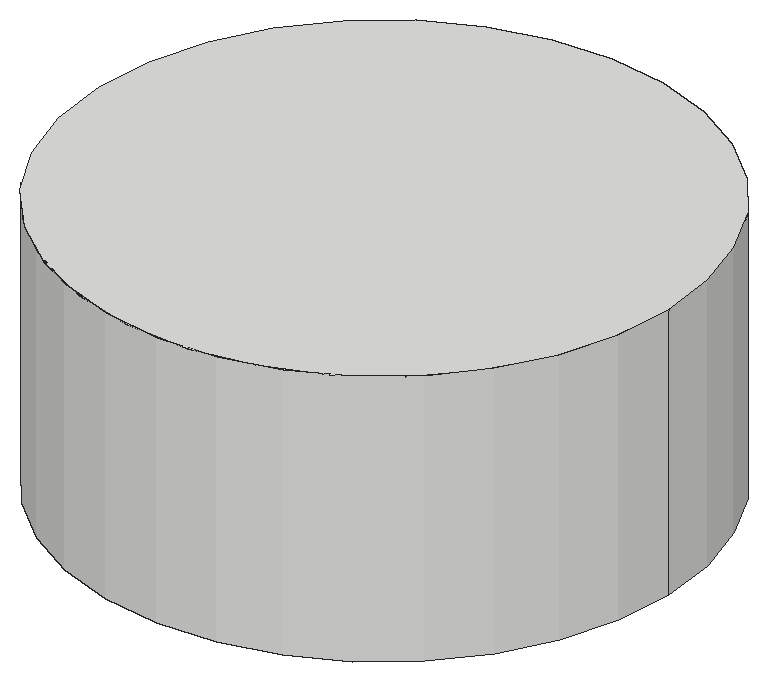
Revit family "IEK_Светильник_LED_ДПО_5010-5142 _IP65_LOD2_R19", category Осветительные приборы, Revit 2019
Family settings
  Размер круглого соединителя = Использовать диаметр
  Тип детали = Нормальный
  На основе рабочей плоскости = Нет
  Всегда вертикально = Да
  При загрузке вырезать с полостями = Нет
  Источник света = Нет
  Общий = Нет
  Точка расчета площади = Нет
Parameters (values of type "ДПО5142Д_12Вт_960лм_6500К_Накладной_Пластик")
  УГО_А_верт [instance] = no
  УГО_А_180гр [instance] = no
  УГО_А_-90гр [instance] = no
  УГО_А_+90гр [instance] = no
  Description = ""
  Лампа = "Светодиод. источник света (LED)"
  Изготовитель = "IEK"  # constant formula
  URL = "https://www.iek.ru/"
  KSI_CPr_Строительные изделия = "ЭЛ 40 50 50 30"  # constant formula
  KSI_CMa_Строительные материалы = "01.7.14.02"  # constant formula
  IEK_Частота = "50 Гц"
  IEK_Цветовая температура = "6500 К"
  IEK_Цвет = "Белый"
  IEK_УГО_Смещение по оси Y [instance] = 1000 mm
  IEK_УГО_Смещение по оси X [instance] = 1000 mm
  IEK_УГО_Рабочее освещение [instance] = yes
  IEK_УГО_Аварийное освещение [instance] = not(IEK_УГО_Рабочее освещение)  # no
  IEK_Тип лампы = "LED"  # constant formula
  IEK_Температура эксплуатации = "-40…+45 °C"  # constant formula
  IEK_Степень защиты = "IP65"  # constant formula
  IEK_Срок службы = "30000 часов"
  IEK_Серия = "ДПО 5142Д"
  IEK_Световой поток = "960 лм"
  IEK_Редактор = ""
  IEK_Разработчик = "Созутов ВД"  # constant formula
  IEK_Основа = "Уровень"  # constant formula
  IEK_Описание = "Светильники светодиодные серии ДПО предназначены для внутреннего освещения бытовых, общественных и производственных освещений с повышенным содержанием пыли и влаги. Конструкция светильника и применяемые материалы обеспечивают высокую механическую прочность и защиту от проникновения пыли и влаги по классу IP65."
  IEK_Монтажная температура = ""
  IEK_Конфигуратор = "http://www.iek.ru/products/light-calc/"
  IEK_Класс защиты = "II"
  IEK_Индекс цветопередачи = "70-79 (класс 2А)"
  IEK_Замена = ""
  IEK_Гарантийный срок = "2 года"
  IEK_Вид климатического исполнения = ""
  IEK_Блок аварийного питания = no
  IEK_URL_Сертификат = "https://www.iek.ru/local/components/iek/prodcat.catalog.detail/download.php?hash=4cd77611df08c5790d0110880c81dd49525e2d584228cbf781d86046baa9f086"
  IEK_URL_Паспорт изделия = "https://www.iek.ru/local/components/iek/prodcat.catalog.detail/download.php?hash=83d2c29518a7a5a0acbb9e64c695950238a89fb5d9eeadf98a7d912c97f44f3c"
  IEK_URL_Изображение = "https://www.iek.ru/upload/iek.prodcat/file/4299e9a36f377caa2144bf7ef17f655da8f23d7dec99471df856c744ea0564f1.png"
  IEK_URL_IES = ""
  IEK_URL = "https://www.iek.ru/products/catalog/svetotekhnika/kommunalnoe_i_bytovoe_osveshchenie/svetilniki_svetodiodnye_dlya_zhkkh/svetilniki_dpo_5010_5142/svetilnik_svetodiodnyy_dpo_5142d_12vt_6500k_ip65_krug_belyy_s_akusticheskim_datchikom_iek"
  IEK_LOD = "LOD200"  # constant formula
  IEK_ID = "100201040022"
  ADSK_Этаж [instance] = ""
  ADSK_Ток = ADSK_Номинальная мощность / (ADSK_Коэффициент мощности * ADSK_Напряжение * sqrt(ADSK_Количество фаз))  # 0.109091 A
  ADSK_Размер_Радиус = 89 mm
  ADSK_Размер_ДиаметрИзделия = ADSK_Размер_Радиус * 2  # 178 mm
  ADSK_Размер_Диаметр [instance] = 10 mm
  ADSK_Размер_Высота = 80 mm
  ADSK_Примечание [instance] = ""
  ADSK_Полная мощность = ADSK_Номинальная мощность / ADSK_Коэффициент мощности  # 24 VA
  ADSK_Позиция [instance] = ""
  ADSK_Обозначение = "ГОСТ Р МЭК 60598-1, ГОСТ Р МЭК 60598-2-4-99"
  ADSK_Номинальная мощность = 12 W
  ADSK_Напряжение = 220 V
  ADSK_Наименование краткое = "Светильник LED ДПО 5142Д 12Вт 6500K IP65"
  ADSK_Наименование = "Светильник LED ДПО 5142Д 12Вт 6500K IP65 круг белый с АД IEK"
  ADSK_Материал обозначение = "Плафон - пластик опаловый"
  ADSK_Материал наименование = "Корпус - пластик"
  ADSK_Материал = Белый
  ADSK_Масса_Текст = "0,3 Кг"
  ADSK_Масса = 0.3
  ADSK_Марка = "ДПО 5142Д"
  ADSK_Коэффициент мощности = 0.5
  ADSK_Количество фаз = 1
  ADSK_Код изделия = "LDPO3-5142D-12-6500-K01"
  ADSK_Классификация нагрузок = Освещение
  ADSK_Завод-изготовитель = "IEK"  # constant formula
  ADSK_Единица измерения = "шт"  # constant formula
  ADSK_Группирование = "Светильники, светоуказатели, световые табло"  # constant formula
  ADSK_Версия семейства = "1.0"  # constant formula
  ADSK_Версия Revit = "2019"  # constant formula
  ADSK_URL страницы изделия = "https://www.iek.ru/products/catalog/svetotekhnika/kommunalnoe_i_bytovoe_osveshchenie/svetilniki_svetodiodnye_dlya_zhkkh/svetilniki_dpo_5010_5142/svetilnik_svetodiodnyy_dpo_5142d_12vt_6500k_ip65_krug_belyy_s_akusticheskim_datchikom_iek"
  ADSK_URL документации изделия = "https://www.iek.ru/local/components/iek/prodcat.catalog.detail/download.php?hash=83d2c29518a7a5a0acbb9e64c695950238a89fb5d9eeadf98a7d912c97f44f3c"
Types (21, lengths in mm): name | IEK_Цветовая температура | IEK_Цвет | IEK_Серия | IEK_Световой поток | IEK_Индекс цветопередачи | IEK_URL_Сертификат | IEK_URL_Паспорт изделия | IEK_URL_Изображение | IEK_URL_IES | IEK_URL | IEK_ID | ADSK_Ток | ADSK_Размер_Радиус | ADSK_Размер_ДиаметрИзделия | ADSK_Размер_Высота | ADSK_Полная мощность | ADSK_Номинальная мощность | ADSK_Наименование краткое | ADSK_Наименование | ADSK_Материал | ADSK_Масса_Текст | ADSK_Масса | ADSK_Марка | ADSK_Коэффициент мощности | ADSK_Код изделия | ADSK_URL страницы изделия | ADSK_URL документации изделия
  (no name) | "6500 К" | "Белый" | "ДПО 5142Д" | "960 лм" | "70-79 (класс 2А)" | "https://www.iek.ru/local/components/iek/prodcat.catalog.detail/download.php?hash=4cd77611df08c5790d0110880c81dd49525e2d584228cbf781d86046baa9f086" | "https://www.iek.ru/local/components/iek/prodcat.catalog.detail/download.php?hash=83d2c29518a7a5a0acbb9e64c695950238a89fb5d9eeadf98a7d912c97f44f3c" | "https://www.iek.ru/upload/iek.prodcat/file/4299e9a36f377caa2144bf7ef17f655da8f23d7dec99471df856c744ea0564f1.png" | "" | "https://www.iek.ru/products/catalog/svetotekhnika/kommunalnoe_i_bytovoe_osveshchenie/svetilniki_svetodiodnye_dlya_zhkkh/svetilniki_dpo_5010_5142/svetilnik_svetodiodnyy_dpo_5142d_12vt_6500k_ip65_krug_belyy_s_akusticheskim_datchikom_iek" | "100201040022" | 0.109091 A | 89 | 178 | 80 | 24 VA | 12 W | "Светильник LED ДПО 5142Д 12Вт 6500K IP65" | "Светильник LED ДПО 5142Д 12Вт 6500K IP65 круг белый с АД IEK" | Белый | "0,3 Кг" | 0.3 | "ДПО 5142Д" | 0.5 | "LDPO3-5142D-12-6500-K01" | "https://www.iek.ru/products/catalog/svetotekhnika/kommunalnoe_i_bytovoe_osveshchenie/svetilniki_svetodiodnye_dlya_zhkkh/svetilniki_dpo_5010_5142/svetilnik_svetodiodnyy_dpo_5142d_12vt_6500k_ip65_krug_belyy_s_akusticheskim_datchikom_iek" | "https://www.iek.ru/local/components/iek/prodcat.catalog.detail/download.php?hash=83d2c29518a7a5a0acbb9e64c695950238a89fb5d9eeadf98a7d912c97f44f3c"
  ДПО5010_8Вт_640лм_4000К_Накладной_Пластик | "4000 К" | "Белый" | "ДПО 5010" | "640 лм" | "70-79 (класс 2A)" | "https://www.iek.ru/local/components/iek/prodcat.catalog.detail/download.php?hash=f45ae135d2d86e3063cff6306cef63492872b6d4008db3927cb8cbfa985b7113" | "https://www.iek.ru/local/components/iek/prodcat.catalog.detail/download.php?hash=7a0a8875d83c12bf5ac9388e1b2c8146201f5e708d4662315551d9f9cc897a02" | "https://www.iek.ru/upload/iek.prodcat/file/8b9adc60f5e85ccc87465dfe15cad4a3e905d2939ce2c8904b6502abf5b4aeeb.png" | "https://www.iek.ru/local/components/iek/prodcat.catalog.detail/download.php?hash=4791224d9111f260674cd40dbc1eb7c4b91fedf4ba1c2f5096564361d7bbf7cc" | "https://www.iek.ru/products/catalog/svetotekhnika/kommunalnoe_i_bytovoe_osveshchenie/svetilniki_svetodiodnye_dlya_zhkkh/svetilniki_dpo_5010_5142/svetilnik_svetodiodnyy_dpo_5010_8vt_4000k_ip65_krug_belyy_iek" | "100201040001" | 0.0727273 A | 89 | 178 | 80 | 16 VA | 8 W | "Светильник LED ДПО 5010 8Вт 4000K IP65" | "Светильник LED ДПО 5010 8Вт 4000K IP65 круг белый IEK" | Белый | "0,3 Кг" | 0.3 | "ДПО 5010" | 0.5 | "LDPO0-5010-08-4000-K01" | "https://www.iek.ru/products/catalog/svetotekhnika/kommunalnoe_i_bytovoe_osveshchenie/svetilniki_svetodiodnye_dlya_zhkkh/svetilniki_dpo_5010_5142/svetilnik_svetodiodnyy_dpo_5010_8vt_4000k_ip65_krug_belyy_iek" | "https://www.iek.ru/local/components/iek/prodcat.catalog.detail/download.php?hash=7a0a8875d83c12bf5ac9388e1b2c8146201f5e708d4662315551d9f9cc897a02"
  ДПО5011_8Вт_560лм_4000К_Накладной_Пластик | "4000 К" | "Черный" | "ДПО 5011" | "560 лм" | "70-79 (класс 2A)" | "https://www.iek.ru/local/components/iek/prodcat.catalog.detail/download.php?hash=34b0eeafd5935e75e7fde899cbd5ba2b70439e0e735c6ec231dbd8852a6c20da" | "https://www.iek.ru/local/components/iek/prodcat.catalog.detail/download.php?hash=7a0a8875d83c12bf5ac9388e1b2c8146201f5e708d4662315551d9f9cc897a02" | "https://www.iek.ru/upload/iek.prodcat/file/c1663ca6d2ab3e683a4bbab3982bbeeef8d3de055ccdf0d099e9e347abead4ee.png" | "" | "https://www.iek.ru/products/catalog/svetotekhnika/kommunalnoe_i_bytovoe_osveshchenie/svetilniki_svetodiodnye_dlya_zhkkh/svetilniki_dpo_5010_5142/svetilnik_svetodiodnyy_dpo_5011_8vt_4000k_ip65_krug_chernyy_iek" | "100201040002\r\n100201040002\r\n100201040002" | 0.0727273 A | 85 | 170 | 75 | 16 VA | 8 W | "Светильник LED ДПО 5011 8Вт 4000K IP65" | "Светильник LED ДПО 5011 8Вт 4000K IP65 круг черный IEK" | Черный | "0,3 Кг" | 0.3 | "ДПО 5011" | 0.5 | "LDPO0-5011-08-4000-K02" | "https://www.iek.ru/products/catalog/svetotekhnika/kommunalnoe_i_bytovoe_osveshchenie/svetilniki_svetodiodnye_dlya_zhkkh/svetilniki_dpo_5010_5142/svetilnik_svetodiodnyy_dpo_5011_8vt_4000k_ip65_krug_chernyy_iek" | "https://www.iek.ru/local/components/iek/prodcat.catalog.detail/download.php?hash=7a0a8875d83c12bf5ac9388e1b2c8146201f5e708d4662315551d9f9cc897a02"
  ДПО5030_12Вт_960лм_4000К_Накладной_Пластик | "4000 К" | "Белый" | "ДПО 5030" | "960 лм" | "70-79 (класс 2A)" | "https://www.iek.ru/local/components/iek/prodcat.catalog.detail/download.php?hash=f45ae135d2d86e3063cff6306cef63492872b6d4008db3927cb8cbfa985b7113" | "https://www.iek.ru/local/components/iek/prodcat.catalog.detail/download.php?hash=7a0a8875d83c12bf5ac9388e1b2c8146201f5e708d4662315551d9f9cc897a02" | "https://www.iek.ru/upload/iek.prodcat/file/8b9adc60f5e85ccc87465dfe15cad4a3e905d2939ce2c8904b6502abf5b4aeeb.png" | "https://www.iek.ru/local/components/iek/prodcat.catalog.detail/download.php?hash=ccc63c8b89f498ca7e76019135ede1260fbfb129fb4e8b4387d6c2cf2d16628f" | "https://www.iek.ru/products/catalog/svetotekhnika/kommunalnoe_i_bytovoe_osveshchenie/svetilniki_svetodiodnye_dlya_zhkkh/svetilniki_dpo_5010_5142/svetilnik_svetodiodnyy_dpo_5030_12vt_4000k_ip65_krug_belyy_iek" | "100201040004\r\n100201040002\r\n100201040002" | 0.109091 A | 89 | 178 | 80 | 24 VA | 12 W | "Светильник LED ДПО 5030 12Вт 4000K IP65" | "Светильник LED ДПО 5030 12Вт 4000K IP65 круг белый IEK" | Белый | "0,3 Кг" | 0.3 | "ДПО 5030" | 0.5 | "LDPO0-5030-12-4000-K01" | "https://www.iek.ru/products/catalog/svetotekhnika/kommunalnoe_i_bytovoe_osveshchenie/svetilniki_svetodiodnye_dlya_zhkkh/svetilniki_dpo_5010_5142/svetilnik_svetodiodnyy_dpo_5030_12vt_4000k_ip65_krug_belyy_iek" | "https://www.iek.ru/local/components/iek/prodcat.catalog.detail/download.php?hash=7a0a8875d83c12bf5ac9388e1b2c8146201f5e708d4662315551d9f9cc897a02"
  ДПО5031_12Вт_960лм_4000К_Накладной_Пластик | "4000 К" | "Черный" | "ДПО 5031" | "840 лм" | "70-79 (класс 2A)" | "https://www.iek.ru/local/components/iek/prodcat.catalog.detail/download.php?hash=34b0eeafd5935e75e7fde899cbd5ba2b70439e0e735c6ec231dbd8852a6c20da" | "https://www.iek.ru/local/components/iek/prodcat.catalog.detail/download.php?hash=7a0a8875d83c12bf5ac9388e1b2c8146201f5e708d4662315551d9f9cc897a02" | "https://www.iek.ru/upload/iek.prodcat/file/c1663ca6d2ab3e683a4bbab3982bbeeef8d3de055ccdf0d099e9e347abead4ee.png" | "" | "https://www.iek.ru/products/catalog/svetotekhnika/kommunalnoe_i_bytovoe_osveshchenie/svetilniki_svetodiodnye_dlya_zhkkh/svetilniki_dpo_5010_5142/svetilnik_svetodiodnyy_dpo_5031_12vt_4000k_ip65_krug_chernyy_iek" | "100201040005" | 0.109091 A | 85 | 170 | 75 | 24 VA | 12 W | "Светильник LED ДПО 5031 12Вт 4000K IP65" | "Светильник LED ДПО 5031 12Вт 4000K IP65 круг черный IEK" | Черный | "0,3 Кг" | 0.3 | "ДПО 5031" | 0.5 | "LDPO0-5031-12-4000-K02" | "https://www.iek.ru/products/catalog/svetotekhnika/kommunalnoe_i_bytovoe_osveshchenie/svetilniki_svetodiodnye_dlya_zhkkh/svetilniki_dpo_5010_5142/svetilnik_svetodiodnyy_dpo_5031_12vt_4000k_ip65_krug_chernyy_iek" | "https://www.iek.ru/local/components/iek/prodcat.catalog.detail/download.php?hash=7a0a8875d83c12bf5ac9388e1b2c8146201f5e708d4662315551d9f9cc897a02"
  ДПО5050_18Вт_1770лм_4000К_Накладной_Пластик | "4000 К" | "Белый" | "ДПО 5050" | "1770 лм" | "80-89 (класс 1В)" | "https://www.iek.ru/local/components/iek/prodcat.catalog.detail/download.php?hash=00cc9106711aa1cf372c905d42a31609fa32c2ff2d87dda9f069751617081975" | "https://www.iek.ru/local/components/iek/prodcat.catalog.detail/download.php?hash=83d2c29518a7a5a0acbb9e64c695950238a89fb5d9eeadf98a7d912c97f44f3c" | "https://www.iek.ru/upload/iek.prodcat/file/a546b76a2ff4c089f32898143aba36903eb8c51de3ffee061ba5d51b89e20efe.png" | "https://www.iek.ru/local/components/iek/prodcat.catalog.detail/download.php?hash=1f2b03a358bf005880dbc4bbe1ce3ea361e225daea7f036da903439581397fbe" | "https://www.iek.ru/products/catalog/svetotekhnika/kommunalnoe_i_bytovoe_osveshchenie/svetilniki_svetodiodnye_dlya_zhkkh/svetilniki_dpo_5010_5142/svetilnik_svetodiodnyy_dpo_5050_18vt_4000k_ip65_krug_belyy_iek" | "100201040007" | 0.0909091 A | 110 | 220 | 98 | 20 VA | 18 W | "Светильник LED ДПО 5050 18Вт 4000К IP65" | "Светильник LED ДПО 5050 18Вт 4000К IP65 круг белый IEK" | Белый | "0,5 Кг" | 0.5 | "ДПО 5050" | 0.9 | "LDPO0-5050-18-4000-K01" | "https://www.iek.ru/products/catalog/svetotekhnika/kommunalnoe_i_bytovoe_osveshchenie/svetilniki_svetodiodnye_dlya_zhkkh/svetilniki_dpo_5010_5142/svetilnik_svetodiodnyy_dpo_5050_18vt_4000k_ip65_krug_belyy_iek" | "https://www.iek.ru/local/components/iek/prodcat.catalog.detail/download.php?hash=83d2c29518a7a5a0acbb9e64c695950238a89fb5d9eeadf98a7d912c97f44f3c"
  ДПО5051_18Вт_1770лм_6500К_Накладной_Пластик | "6500 К" | "Белый" | "ДПО 5051" | "1770 лм" | "80-89 (класс 1В)" | "https://www.iek.ru/local/components/iek/prodcat.catalog.detail/download.php?hash=00cc9106711aa1cf372c905d42a31609fa32c2ff2d87dda9f069751617081975" | "https://www.iek.ru/local/components/iek/prodcat.catalog.detail/download.php?hash=83d2c29518a7a5a0acbb9e64c695950238a89fb5d9eeadf98a7d912c97f44f3c" | "https://www.iek.ru/upload/iek.prodcat/file/a546b76a2ff4c089f32898143aba36903eb8c51de3ffee061ba5d51b89e20efe.png" | "" | "https://www.iek.ru/products/catalog/svetotekhnika/kommunalnoe_i_bytovoe_osveshchenie/svetilniki_svetodiodnye_dlya_zhkkh/svetilniki_dpo_5010_5142/svetilnik_svetodiodnyy_dpo_5051_18vt_6500k_ip65_krug_belyy_iek" | "100201040008" | 0.0909091 A | 110 | 220 | 98 | 20 VA | 18 W | "Светильник LED ДПО 5051 18Вт 6500К IP65" | "Светильник LED ДПО 5051 18Вт 6500К IP65 круг белый IEK" | Белый | "0,5 Кг" | 0.5 | "ДПО 5051" | 0.9 | "LDPO0-5051-18-6500-K01" | "https://www.iek.ru/products/catalog/svetotekhnika/kommunalnoe_i_bytovoe_osveshchenie/svetilniki_svetodiodnye_dlya_zhkkh/svetilniki_dpo_5010_5142/svetilnik_svetodiodnyy_dpo_5051_18vt_6500k_ip65_krug_belyy_iek" | "https://www.iek.ru/local/components/iek/prodcat.catalog.detail/download.php?hash=83d2c29518a7a5a0acbb9e64c695950238a89fb5d9eeadf98a7d912c97f44f3c"
  ДПО5060_24Вт_2280лм_4000К_Накладной_Пластик | "4000 К" | "Белый" | "ДПО 5060" | "2280 лм" | "80-89 (класс 1В)" | "https://www.iek.ru/local/components/iek/prodcat.catalog.detail/download.php?hash=00cc9106711aa1cf372c905d42a31609fa32c2ff2d87dda9f069751617081975" | "https://www.iek.ru/local/components/iek/prodcat.catalog.detail/download.php?hash=83d2c29518a7a5a0acbb9e64c695950238a89fb5d9eeadf98a7d912c97f44f3c" | "https://www.iek.ru/upload/iek.prodcat/file/a546b76a2ff4c089f32898143aba36903eb8c51de3ffee061ba5d51b89e20efe.png" | "https://www.iek.ru/local/components/iek/prodcat.catalog.detail/download.php?hash=4ee8d5d475581ae99692dca6cf497b56b0ec7e121f7026eeb9971fb371a19898" | "https://www.iek.ru/products/catalog/svetotekhnika/kommunalnoe_i_bytovoe_osveshchenie/svetilniki_svetodiodnye_dlya_zhkkh/svetilniki_dpo_5010_5142/svetilnik_svetodiodnyy_dpo_5060_24vt_4000k_ip65_krug_belyy_iek" | "100201040009" | 0.121212 A | 126.5 | 253 | 103 | 26.6667 VA | 24 W | "Светильник LED ДПО 5060 24Вт 4000К IP65" | "Светильник LED ДПО 5060 24Вт 4000К IP65 круг белый IEK" | Белый | "0,7 Кг" | 0.7 | "ДПО 5060" | 0.9 | "LDPO0-5060-24-4000-K01" | "https://www.iek.ru/products/catalog/svetotekhnika/kommunalnoe_i_bytovoe_osveshchenie/svetilniki_svetodiodnye_dlya_zhkkh/svetilniki_dpo_5010_5142/svetilnik_svetodiodnyy_dpo_5060_24vt_4000k_ip65_krug_belyy_iek" | "https://www.iek.ru/local/components/iek/prodcat.catalog.detail/download.php?hash=83d2c29518a7a5a0acbb9e64c695950238a89fb5d9eeadf98a7d912c97f44f3c"
  ДПО5061_24Вт_2280лм_6500К_Накладной_Пластик | "6500 К" | "Белый" | "ДПО 5061" | "2280 лм" | "80-89 (класс 1В)" | "https://www.iek.ru/local/components/iek/prodcat.catalog.detail/download.php?hash=00cc9106711aa1cf372c905d42a31609fa32c2ff2d87dda9f069751617081975" | "https://www.iek.ru/local/components/iek/prodcat.catalog.detail/download.php?hash=83d2c29518a7a5a0acbb9e64c695950238a89fb5d9eeadf98a7d912c97f44f3c" | "https://www.iek.ru/upload/iek.prodcat/file/a546b76a2ff4c089f32898143aba36903eb8c51de3ffee061ba5d51b89e20efe.png" | "https://www.iek.ru/local/components/iek/prodcat.catalog.detail/download.php?hash=e34b865a2d4a9d9cba05caec369f74f0432cddb49c8451b80af4aea66c62cf86" | "https://www.iek.ru/products/catalog/svetotekhnika/kommunalnoe_i_bytovoe_osveshchenie/svetilniki_svetodiodnye_dlya_zhkkh/svetilniki_dpo_5010_5142/svetilnik_svetodiodnyy_dpo_5061_24vt_6500k_ip65_krug_belyy_iek" | "100201040010" | 0.121212 A | 126.5 | 253 | 103 | 26.6667 VA | 24 W | "Светильник LED ДПО 5061 24Вт 6500К IP65" | "Светильник LED ДПО 5061 24Вт 6500К IP65 круг белый IEK" | Белый | "0,7 Кг" | 0.7 | "ДПО 5061" | 0.9 | "LDPO0-5061-24-6500-K01" | "https://www.iek.ru/products/catalog/svetotekhnika/kommunalnoe_i_bytovoe_osveshchenie/svetilniki_svetodiodnye_dlya_zhkkh/svetilniki_dpo_5010_5142/svetilnik_svetodiodnyy_dpo_5061_24vt_6500k_ip65_krug_belyy_iek" | "https://www.iek.ru/local/components/iek/prodcat.catalog.detail/download.php?hash=83d2c29518a7a5a0acbb9e64c695950238a89fb5d9eeadf98a7d912c97f44f3c"
  ДПО5070_28Вт_2660лм_4000К_Накладной_Пластик | "4000 К" | "Белый" | "ДПО 5070" | "2660 лм" | "80-89 (класс 1В)" | "https://www.iek.ru/local/components/iek/prodcat.catalog.detail/download.php?hash=00cc9106711aa1cf372c905d42a31609fa32c2ff2d87dda9f069751617081975" | "https://www.iek.ru/local/components/iek/prodcat.catalog.detail/download.php?hash=83d2c29518a7a5a0acbb9e64c695950238a89fb5d9eeadf98a7d912c97f44f3c" | "https://www.iek.ru/upload/iek.prodcat/file/a546b76a2ff4c089f32898143aba36903eb8c51de3ffee061ba5d51b89e20efe.png" | "https://www.iek.ru/local/components/iek/prodcat.catalog.detail/download.php?hash=6d6a6963b341e7e344c975f9c44977d091c4ace6923bbf579bc2396474522cc7" | "https://www.iek.ru/products/catalog/svetotekhnika/kommunalnoe_i_bytovoe_osveshchenie/svetilniki_svetodiodnye_dlya_zhkkh/svetilniki_dpo_5010_5142/svetilnik_svetodiodnyy_dpo_5070_28vt_4000k_ip65_krug_belyy_iek" | "100201040011" | 0.141414 A | 126.5 | 253 | 103 | 31.1111 VA | 28 W | "Светильник LED ДПО 5070 28Вт 4000К IP65" | "Светильник LED ДПО 5070 28Вт 4000К IP65 круг белый IEK" | Белый | "0,7 Кг" | 0.7 | "ДПО 5070" | 0.9 | "LDPO0-5070-28-4000-K01" | "https://www.iek.ru/products/catalog/svetotekhnika/kommunalnoe_i_bytovoe_osveshchenie/svetilniki_svetodiodnye_dlya_zhkkh/svetilniki_dpo_5010_5142/svetilnik_svetodiodnyy_dpo_5070_28vt_4000k_ip65_krug_belyy_iek" | "https://www.iek.ru/local/components/iek/prodcat.catalog.detail/download.php?hash=83d2c29518a7a5a0acbb9e64c695950238a89fb5d9eeadf98a7d912c97f44f3c"
  ДПО5071_28Вт_2660лм_6500К_Накладной_Пластик | "6500 К" | "Белый" | "ДПО 5071" | "2660 лм" | "80-89 (класс 1В)" | "https://www.iek.ru/local/components/iek/prodcat.catalog.detail/download.php?hash=00cc9106711aa1cf372c905d42a31609fa32c2ff2d87dda9f069751617081975" | "https://www.iek.ru/local/components/iek/prodcat.catalog.detail/download.php?hash=83d2c29518a7a5a0acbb9e64c695950238a89fb5d9eeadf98a7d912c97f44f3c" | "https://www.iek.ru/upload/iek.prodcat/file/a546b76a2ff4c089f32898143aba36903eb8c51de3ffee061ba5d51b89e20efe.png" | "https://www.iek.ru/local/components/iek/prodcat.catalog.detail/download.php?hash=36660383a3f20e5e76d643bad8a083d4eac590e90eb5f1b79c610caa375e3e47" | "https://www.iek.ru/products/catalog/svetotekhnika/kommunalnoe_i_bytovoe_osveshchenie/svetilniki_svetodiodnye_dlya_zhkkh/svetilniki_dpo_5010_5142/svetilnik_svetodiodnyy_dpo_5071_28vt_6500k_ip65_krug_belyy_iek" | "100201040012" | 0.141414 A | 126.5 | 253 | 103 | 31.1111 VA | 28 W | "Светильник LED ДПО 5071 28Вт 6500К IP65" | "Светильник LED ДПО 5071 28Вт 6500К IP65 круг белый IEK" | Белый | "0,7 Кг" | 0.7 | "ДПО 5071" | 0.9 | "LDPO0-5071-28-6500-K01" | "https://www.iek.ru/products/catalog/svetotekhnika/kommunalnoe_i_bytovoe_osveshchenie/svetilniki_svetodiodnye_dlya_zhkkh/svetilniki_dpo_5010_5142/svetilnik_svetodiodnyy_dpo_5071_28vt_6500k_ip65_krug_belyy_iek" | "https://www.iek.ru/local/components/iek/prodcat.catalog.detail/download.php?hash=83d2c29518a7a5a0acbb9e64c695950238a89fb5d9eeadf98a7d912c97f44f3c"
  ДПО5110_8Вт_640лм_6500К_Накладной_Пластик | "6500 К" | "Белый" | "ДПО 5110" | "640 лм" | "70-79 (класс 2А)" | "https://www.iek.ru/local/components/iek/prodcat.catalog.detail/download.php?hash=4cd77611df08c5790d0110880c81dd49525e2d584228cbf781d86046baa9f086" | "https://www.iek.ru/local/components/iek/prodcat.catalog.detail/download.php?hash=83d2c29518a7a5a0acbb9e64c695950238a89fb5d9eeadf98a7d912c97f44f3c" | "https://www.iek.ru/upload/iek.prodcat/file/4299e9a36f377caa2144bf7ef17f655da8f23d7dec99471df856c744ea0564f1.png" | "" | "https://www.iek.ru/products/catalog/svetotekhnika/kommunalnoe_i_bytovoe_osveshchenie/svetilniki_svetodiodnye_dlya_zhkkh/svetilniki_dpo_5010_5142/svetilnik_svetodiodnyy_dpo_5110_8vt_6500k_ip65_krug_belyy_iek" | "100201040013" | 0.0727273 A | 89 | 178 | 80 | 16 VA | 8 W | "Светильник LED ДПО 5110 8Вт 6500К IP65" | "Светильник LED ДПО 5110 8Вт 6500К IP65 круг белый IEK" | Белый | "0,3 Кг" | 0.3 | "ДПО 5110" | 0.5 | "LDPO0-5110-08-6500-K01" | "https://www.iek.ru/products/catalog/svetotekhnika/kommunalnoe_i_bytovoe_osveshchenie/svetilniki_svetodiodnye_dlya_zhkkh/svetilniki_dpo_5010_5142/svetilnik_svetodiodnyy_dpo_5110_8vt_6500k_ip65_krug_belyy_iek" | "https://www.iek.ru/local/components/iek/prodcat.catalog.detail/download.php?hash=83d2c29518a7a5a0acbb9e64c695950238a89fb5d9eeadf98a7d912c97f44f3c"
  ДПО5130_12Вт_960лм_6500К_Накладной_Пластик | "6500 К" | "Белый" | "ДПО 5130" | "960 лм" | "70-79 (класс 2А)" | "https://www.iek.ru/local/components/iek/prodcat.catalog.detail/download.php?hash=4cd77611df08c5790d0110880c81dd49525e2d584228cbf781d86046baa9f086" | "https://www.iek.ru/local/components/iek/prodcat.catalog.detail/download.php?hash=83d2c29518a7a5a0acbb9e64c695950238a89fb5d9eeadf98a7d912c97f44f3c" | "https://www.iek.ru/upload/iek.prodcat/file/4299e9a36f377caa2144bf7ef17f655da8f23d7dec99471df856c744ea0564f1.png" | "" | "https://www.iek.ru/products/catalog/svetotekhnika/kommunalnoe_i_bytovoe_osveshchenie/svetilniki_svetodiodnye_dlya_zhkkh/svetilniki_dpo_5010_5142/svetilnik_svetodiodnyy_dpo_5130_12vt_6500k_ip65_krug_belyy_iek" | "100201040014" | 0.109091 A | 89 | 178 | 80 | 24 VA | 12 W | "Светильник LED ДПО 5130 12Вт 6500К IP65" | "Светильник LED ДПО 5130 12Вт 6500К IP65 круг белый IEK" | Белый | "0,3 Кг" | 0.3 | "ДПО 5130" | 0.5 | "LDPO0-5130-12-6500-K01" | "https://www.iek.ru/products/catalog/svetotekhnika/kommunalnoe_i_bytovoe_osveshchenie/svetilniki_svetodiodnye_dlya_zhkkh/svetilniki_dpo_5010_5142/svetilnik_svetodiodnyy_dpo_5130_12vt_6500k_ip65_krug_belyy_iek" | "https://www.iek.ru/local/components/iek/prodcat.catalog.detail/download.php?hash=83d2c29518a7a5a0acbb9e64c695950238a89fb5d9eeadf98a7d912c97f44f3c"
  ДПО5012Д_8Вт_640лм_4000К_Накладной_Пластик | "4000 К" | "Белый" | "ДПО 5012Д" | "640 лм" | "70-79 (класс 2А)" | "https://www.iek.ru/local/components/iek/prodcat.catalog.detail/download.php?hash=34b0eeafd5935e75e7fde899cbd5ba2b70439e0e735c6ec231dbd8852a6c20da" | "https://www.iek.ru/local/components/iek/prodcat.catalog.detail/download.php?hash=7a0a8875d83c12bf5ac9388e1b2c8146201f5e708d4662315551d9f9cc897a02" | "https://www.iek.ru/upload/iek.prodcat/file/a546b76a2ff4c089f32898143aba36903eb8c51de3ffee061ba5d51b89e20efe.png" | "https://www.iek.ru/local/components/iek/prodcat.catalog.detail/download.php?hash=6d3d78cf44be6da7e5246338783fa6bca89162b9de51d2bf1a06579dd072b78a" | "https://www.iek.ru/products/catalog/svetotekhnika/kommunalnoe_i_bytovoe_osveshchenie/svetilniki_svetodiodnye_dlya_zhkkh/svetilniki_dpo_5010_5142/svetilnik_svetodiodnyy_dpo_5012d_8vt_4000k_ip65_krug_belyy_s_datchikom_dvizheniya_iek" | "100201040015" | 0.0727273 A | 89 | 178 | 80 | 16 VA | 8 W | "Светильник LED ДПО 5012Д 8Вт 4000K IP65" | "Светильник LED ДПО 5012Д 8Вт 4000K IP65 круг белый с ДД IEK" | Белый | "0,3 Кг" | 0.3 | "ДПО 5012Д" | 0.5 | "LDPO1-5012D-08-4000-K01" | "https://www.iek.ru/products/catalog/svetotekhnika/kommunalnoe_i_bytovoe_osveshchenie/svetilniki_svetodiodnye_dlya_zhkkh/svetilniki_dpo_5010_5142/svetilnik_svetodiodnyy_dpo_5012d_8vt_4000k_ip65_krug_belyy_s_datchikom_dvizheniya_iek" | "https://www.iek.ru/local/components/iek/prodcat.catalog.detail/download.php?hash=7a0a8875d83c12bf5ac9388e1b2c8146201f5e708d4662315551d9f9cc897a02"
  ДПО5032Д_12Вт_960лм_4000К_Накладной_Пластик | "4000 К" | "Белый" | "ДПО 5032Д" | "960 лм" | "70-79 (класс 2А)" | "https://www.iek.ru/local/components/iek/prodcat.catalog.detail/download.php?hash=34b0eeafd5935e75e7fde899cbd5ba2b70439e0e735c6ec231dbd8852a6c20da" | "https://www.iek.ru/local/components/iek/prodcat.catalog.detail/download.php?hash=7a0a8875d83c12bf5ac9388e1b2c8146201f5e708d4662315551d9f9cc897a02" | "https://www.iek.ru/upload/iek.prodcat/file/4299e9a36f377caa2144bf7ef17f655da8f23d7dec99471df856c744ea0564f1.png" | "https://www.iek.ru/local/components/iek/prodcat.catalog.detail/download.php?hash=c051d9907a5e164f3df59ecbb6dfc8256416fec60c98d0391304ad9f380ac7ee" | "https://www.iek.ru/products/catalog/svetotekhnika/kommunalnoe_i_bytovoe_osveshchenie/svetilniki_svetodiodnye_dlya_zhkkh/svetilniki_dpo_5010_5142/svetilnik_svetodiodnyy_dpo_5032d_12vt_4000k_ip65_krug_belyy_s_datchikom_dvizheniya_iek" | "100201040016" | 0.109091 A | 89 | 178 | 80 | 24 VA | 12 W | "Светильник LED ДПО 5032Д 12Вт 4000K IP65" | "Светильник LED ДПО 5032Д 12Вт 4000K IP65 круг белый с ДД IEK" | Белый | "0,3 Кг" | 0.3 | "ДПО 5032Д" | 0.5 | "LDPO1-5032D-12-4000-K01" | "https://www.iek.ru/products/catalog/svetotekhnika/kommunalnoe_i_bytovoe_osveshchenie/svetilniki_svetodiodnye_dlya_zhkkh/svetilniki_dpo_5010_5142/svetilnik_svetodiodnyy_dpo_5032d_12vt_4000k_ip65_krug_belyy_s_datchikom_dvizheniya_iek" | "https://www.iek.ru/local/components/iek/prodcat.catalog.detail/download.php?hash=7a0a8875d83c12bf5ac9388e1b2c8146201f5e708d4662315551d9f9cc897a02"
  ДПО5112Д_8Вт_640лм_6500К_Накладной_Пластик | "6500 К" | "Белый" | "ДПО 5112Д" | "640 лм" | "70-79 (класс 2А)" | "https://www.iek.ru/local/components/iek/prodcat.catalog.detail/download.php?hash=4cd77611df08c5790d0110880c81dd49525e2d584228cbf781d86046baa9f086" | "https://www.iek.ru/local/components/iek/prodcat.catalog.detail/download.php?hash=83d2c29518a7a5a0acbb9e64c695950238a89fb5d9eeadf98a7d912c97f44f3c" | "https://www.iek.ru/upload/iek.prodcat/file/4299e9a36f377caa2144bf7ef17f655da8f23d7dec99471df856c744ea0564f1.png" | "" | "https://www.iek.ru/products/catalog/svetotekhnika/kommunalnoe_i_bytovoe_osveshchenie/svetilniki_svetodiodnye_dlya_zhkkh/svetilniki_dpo_5010_5142/svetilnik_svetodiodnyy_dpo_5112d_8vt_6500k_ip65_krug_belyy_s_mikrovolnovym_datchikom_dvizheniya_iek" | "100201040017" | 0.0727273 A | 89 | 178 | 80 | 16 VA | 8 W | "Светильник LED ДПО 5112Д 8Вт 6500K IP65" | "Светильник LED ДПО 5112Д 8Вт 6500K IP65 круг белый с ДД IEK" | Белый | "0,3 Кг" | 0.3 | "ДПО 5112Д" | 0.5 | "LDPO1-5112D-08-6500-K01" | "https://www.iek.ru/products/catalog/svetotekhnika/kommunalnoe_i_bytovoe_osveshchenie/svetilniki_svetodiodnye_dlya_zhkkh/svetilniki_dpo_5010_5142/svetilnik_svetodiodnyy_dpo_5112d_8vt_6500k_ip65_krug_belyy_s_mikrovolnovym_datchikom_dvizheniya_iek" | "https://www.iek.ru/local/components/iek/prodcat.catalog.detail/download.php?hash=83d2c29518a7a5a0acbb9e64c695950238a89fb5d9eeadf98a7d912c97f44f3c"
  ДПО5132Д_12Вт_960лм_6500К_Накладной_Пластик | "6500 К" | "Белый" | "ДПО 5132Д" | "960 лм" | "70-79 (класс 2А)" | "https://www.iek.ru/local/components/iek/prodcat.catalog.detail/download.php?hash=4cd77611df08c5790d0110880c81dd49525e2d584228cbf781d86046baa9f086" | "https://www.iek.ru/local/components/iek/prodcat.catalog.detail/download.php?hash=83d2c29518a7a5a0acbb9e64c695950238a89fb5d9eeadf98a7d912c97f44f3c" | "https://www.iek.ru/upload/iek.prodcat/file/4299e9a36f377caa2144bf7ef17f655da8f23d7dec99471df856c744ea0564f1.png" | "" | "https://www.iek.ru/products/catalog/svetotekhnika/kommunalnoe_i_bytovoe_osveshchenie/svetilniki_svetodiodnye_dlya_zhkkh/svetilniki_dpo_5010_5142/svetilnik_svetodiodnyy_dpo_5132d_12vt_6500k_ip65_krug_belyy_s_mikrovolnovym_datchikom_dvizheniya_iek" | "100201040018" | 0.109091 A | 89 | 178 | 80 | 24 VA | 12 W | "Светильник LED ДПО 5132Д 12Вт 6500K IP65" | "Светильник LED ДПО 5132Д 12Вт 6500K IP65 круг белый с ДД IEK" | Белый | "0,3 Кг" | 0.3 | "ДПО 5132Д" | 0.5 | "LDPO1-5132D-12-6500-K01" | "https://www.iek.ru/products/catalog/svetotekhnika/kommunalnoe_i_bytovoe_osveshchenie/svetilniki_svetodiodnye_dlya_zhkkh/svetilniki_dpo_5010_5142/svetilnik_svetodiodnyy_dpo_5132d_12vt_6500k_ip65_krug_belyy_s_mikrovolnovym_datchikom_dvizheniya_iek" | "https://www.iek.ru/local/components/iek/prodcat.catalog.detail/download.php?hash=83d2c29518a7a5a0acbb9e64c695950238a89fb5d9eeadf98a7d912c97f44f3c"
  ДПО5022Д_8Вт_640лм_4000К_Накладной_Пластик | "4000 К" | "Белый" | "ДПО 5022Д" | "640 лм" | "70-79 (класс 2А)" | "https://www.iek.ru/local/components/iek/prodcat.catalog.detail/download.php?hash=4cd77611df08c5790d0110880c81dd49525e2d584228cbf781d86046baa9f086" | "https://www.iek.ru/local/components/iek/prodcat.catalog.detail/download.php?hash=83d2c29518a7a5a0acbb9e64c695950238a89fb5d9eeadf98a7d912c97f44f3c" | "https://www.iek.ru/upload/iek.prodcat/file/4299e9a36f377caa2144bf7ef17f655da8f23d7dec99471df856c744ea0564f1.png" | "" | "https://www.iek.ru/products/catalog/svetotekhnika/kommunalnoe_i_bytovoe_osveshchenie/svetilniki_svetodiodnye_dlya_zhkkh/svetilniki_dpo_5010_5142/svetilnik_svetodiodnyy_dpo_5022d_8vt_4000k_ip65_krug_belyy_s_akusticheskim_datchikom_iek" | "100201040019" | 0.0727273 A | 89 | 178 | 80 | 16 VA | 8 W | "Светильник LED ДПО 5022Д 8Вт 4000K IP65" | "Светильник LED ДПО 5022Д 8Вт 4000K IP65 круг белый с АД IEK" | Белый | "0,3 Кг" | 0.3 | "ДПО 5022Д" | 0.5 | "LDPO3-5022D-08-4000-K01" | "https://www.iek.ru/products/catalog/svetotekhnika/kommunalnoe_i_bytovoe_osveshchenie/svetilniki_svetodiodnye_dlya_zhkkh/svetilniki_dpo_5010_5142/svetilnik_svetodiodnyy_dpo_5022d_8vt_4000k_ip65_krug_belyy_s_akusticheskim_datchikom_iek" | "https://www.iek.ru/local/components/iek/prodcat.catalog.detail/download.php?hash=83d2c29518a7a5a0acbb9e64c695950238a89fb5d9eeadf98a7d912c97f44f3c"
  ДПО5042Д_12Вт_960лм_4000К_Накладной_Пластик | "4000 К" | "Белый" | "ДПО 5042Д" | "960 лм" | "70-79 (класс 2А)" | "https://www.iek.ru/local/components/iek/prodcat.catalog.detail/download.php?hash=4cd77611df08c5790d0110880c81dd49525e2d584228cbf781d86046baa9f086" | "https://www.iek.ru/local/components/iek/prodcat.catalog.detail/download.php?hash=83d2c29518a7a5a0acbb9e64c695950238a89fb5d9eeadf98a7d912c97f44f3c" | "https://www.iek.ru/upload/iek.prodcat/file/4299e9a36f377caa2144bf7ef17f655da8f23d7dec99471df856c744ea0564f1.png" | "" | "https://www.iek.ru/products/catalog/svetotekhnika/kommunalnoe_i_bytovoe_osveshchenie/svetilniki_svetodiodnye_dlya_zhkkh/svetilniki_dpo_5010_5142/svetilnik_svetodiodnyy_dpo_5042d_12vt_4000k_ip65_krug_belyy_s_akusticheskim_datchikom_iek" | "100201040020" | 0.109091 A | 89 | 178 | 80 | 24 VA | 12 W | "Светильник LED ДПО 5042Д 12Вт 4000K IP65" | "Светильник LED ДПО 5042Д 12Вт 4000K IP65 круг белый с АД IEK" | Белый | "0,3 Кг" | 0.3 | "ДПО 5042Д" | 0.5 | "LDPO3-5042D-12-4000-K01" | "https://www.iek.ru/products/catalog/svetotekhnika/kommunalnoe_i_bytovoe_osveshchenie/svetilniki_svetodiodnye_dlya_zhkkh/svetilniki_dpo_5010_5142/svetilnik_svetodiodnyy_dpo_5042d_12vt_4000k_ip65_krug_belyy_s_akusticheskim_datchikom_iek" | "https://www.iek.ru/local/components/iek/prodcat.catalog.detail/download.php?hash=83d2c29518a7a5a0acbb9e64c695950238a89fb5d9eeadf98a7d912c97f44f3c"
  ДПО5122Д_8Вт_640лм_6500К_Накладной_Пластик | "6500 К" | "Белый" | "ДПО 5122Д" | "640 лм" | "70-79 (класс 2А)" | "https://www.iek.ru/local/components/iek/prodcat.catalog.detail/download.php?hash=4cd77611df08c5790d0110880c81dd49525e2d584228cbf781d86046baa9f086" | "https://www.iek.ru/local/components/iek/prodcat.catalog.detail/download.php?hash=83d2c29518a7a5a0acbb9e64c695950238a89fb5d9eeadf98a7d912c97f44f3c" | "https://www.iek.ru/upload/iek.prodcat/file/4299e9a36f377caa2144bf7ef17f655da8f23d7dec99471df856c744ea0564f1.png" | "" | "https://www.iek.ru/products/catalog/svetotekhnika/kommunalnoe_i_bytovoe_osveshchenie/svetilniki_svetodiodnye_dlya_zhkkh/svetilniki_dpo_5010_5142/svetilnik_svetodiodnyy_dpo_5122d_8vt_6500k_ip65_krug_belyy_s_akusticheskim_datchikom_iek" | "100201040021" | 0.0727273 A | 89 | 178 | 80 | 16 VA | 8 W | "Светильник LED ДПО 5122Д 8Вт 6500K IP65" | "Светильник LED ДПО 5122Д 8Вт 6500K IP65 круг белый с АД IEK" | Белый | "0,3 Кг" | 0.3 | "ДПО 5122Д" | 0.5 | "LDPO3-5122D-08-6500-K01" | "https://www.iek.ru/products/catalog/svetotekhnika/kommunalnoe_i_bytovoe_osveshchenie/svetilniki_svetodiodnye_dlya_zhkkh/svetilniki_dpo_5010_5142/svetilnik_svetodiodnyy_dpo_5122d_8vt_6500k_ip65_krug_belyy_s_akusticheskim_datchikom_iek" | "https://www.iek.ru/local/components/iek/prodcat.catalog.detail/download.php?hash=83d2c29518a7a5a0acbb9e64c695950238a89fb5d9eeadf98a7d912c97f44f3c"
  ДПО5142Д_12Вт_960лм_6500К_Накладной_Пластик | "6500 К" | "Белый" | "ДПО 5142Д" | "960 лм" | "70-79 (класс 2А)" | "https://www.iek.ru/local/components/iek/prodcat.catalog.detail/download.php?hash=4cd77611df08c5790d0110880c81dd49525e2d584228cbf781d86046baa9f086" | "https://www.iek.ru/local/components/iek/prodcat.catalog.detail/download.php?hash=83d2c29518a7a5a0acbb9e64c695950238a89fb5d9eeadf98a7d912c97f44f3c" | "https://www.iek.ru/upload/iek.prodcat/file/4299e9a36f377caa2144bf7ef17f655da8f23d7dec99471df856c744ea0564f1.png" | "" | "https://www.iek.ru/products/catalog/svetotekhnika/kommunalnoe_i_bytovoe_osveshchenie/svetilniki_svetodiodnye_dlya_zhkkh/svetilniki_dpo_5010_5142/svetilnik_svetodiodnyy_dpo_5142d_12vt_6500k_ip65_krug_belyy_s_akusticheskim_datchikom_iek" | "100201040022" | 0.109091 A | 89 | 178 | 80 | 24 VA | 12 W | "Светильник LED ДПО 5142Д 12Вт 6500K IP65" | "Светильник LED ДПО 5142Д 12Вт 6500K IP65 круг белый с АД IEK" | Белый | "0,3 Кг" | 0.3 | "ДПО 5142Д" | 0.5 | "LDPO3-5142D-12-6500-K01" | "https://www.iek.ru/products/catalog/svetotekhnika/kommunalnoe_i_bytovoe_osveshchenie/svetilniki_svetodiodnye_dlya_zhkkh/svetilniki_dpo_5010_5142/svetilnik_svetodiodnyy_dpo_5142d_12vt_6500k_ip65_krug_belyy_s_akusticheskim_datchikom_iek" | "https://www.iek.ru/local/components/iek/prodcat.catalog.detail/download.php?hash=83d2c29518a7a5a0acbb9e64c695950238a89fb5d9eeadf98a7d912c97f44f3c"
Reference planes
  plane 1 "По центру (Вперед/Назад)": y = 0
  plane 2: z = 0
  plane 3 "По центру (Влево/Вправо)": x = 0
  plane 4: z = 80
  plane 5 "1": y = -80
  plane 6 "2": y = 80
  plane 7 "3": x = 80
  plane 8 "4": x = -80
  plane 9: x = -1000
  plane 10: y = -1000
Forms (mm)
  Extrusion 1, solid, material "Белый" <- "ADSK_Материал", detail levels medium+fine
    sketch origin (0, 0, 0) x (1, 0, 0) y (0, 1, 0)
      loop
        circle (0, 0) r 89
    from 0 to 80
Lines and regions (mm)
  Masking region 1
    outline origin (3.125, 0, 4.375) x (1, 0, 0) y (0, 0, 1)
      loop
        line (-76.973, 12.797) -> (-76.973, 7.102) -> (-74.352, 7.102) -> (-74.352, 12.797) -> (-76.973, 12.797)
      loop
        line (-76.973, 15.902) -> (-76.973, 13.467) -> (-74.352, 13.467) -> (-74.352, 15.902) -> (-76.973, 15.902)
      loop
        line (-73.708, 15.902) -> (-73.708, 13.467) -> (-68.012, 13.467) -> (-68.012, 15.902) -> (-73.708, 15.902)
      loop
        line (-68.012, 12.797) -> (-73.708, 12.797) -> (-73.708, 7.102) -> (-68.012, 7.102) -> (-68.012, 9.598) -> (-71.239, 9.598) -> (-71.239, 10.38) -> (-68.012, 10.38) -> (-68.012, 12.797)
      loop
        line (-67.482, 15.902) -> (-67.482, 7.102) -> (-64.907, 7.102) -> (-64.907, 10.265) -> (-64.068, 10.265) -> (-61.934, 7.102) -> (-58.956, 7.102) -> (-62.028, 11.657) -> (-58.831, 16.223) -> (-61.579, 16.223) -> (-64.068, 12.797) -> (-64.907, 12.797) -> (-64.907, 15.902) -> (-67.482, 15.902)
  reference lines
    curve 1: line (-20, 0, 0) -> (20, 0, 0)
    curve 2: line (0, 10, 0) -> (0, -10, 0)
  reference lines, not visible
    curve 3: line (6.351, 13.986, 0) -> (46.351, 13.986, 0)
    curve 4: line (26.351, 23.986, 0) -> (26.351, 3.986, 0)
Text (mm)
  text "sozutov" at (26.073, 0, 26.659), in view "Спереди"
Dimensions and locks
  "ADSK_Размер_Высота": plane 4 to plane 2
  "IEK_УГО_Смещение по оси Y": plane 10 to plane 1 "По центру (Вперед/Назад)"  (x2)
  "IEK_УГО_Смещение по оси X": plane 9 to plane 3 "По центру (Влево/Вправо)"  (x2)
  locked: plane 9 to curve 2 at 1000
  locked: plane 10 to curve 1 at 1000
  "ADSK_Размер_Радиус": radius of Extrusion 1 sketch curve
  aligned and locked: level to plane 2
  aligned and locked: Extrusion 1 to plane 4
  aligned and locked: nested 1 to curve 2
  aligned and locked: curve 1 to nested 1
  aligned and locked: nested 2 to curve 4
  aligned and locked: curve 3 to nested 2
Automatic sketch dimensions
  level to Masking region 1 sketch curve = 17.172 mm  (x2)
  Masking region 1 sketch curve to plane 3 "По центру (Влево/Вправо)" = 73.848 mm
  Masking region 1 sketch curve to Masking region 1 sketch curve = 0 mm  (x8)
  Masking region 1 sketch curve to Masking region 1 sketch curve = 2.621 mm  (x2)
  Masking region 1 sketch curve to Masking region 1 sketch curve = 0.644 mm  (x2)
  Masking region 1 sketch curve to Masking region 1 sketch curve = 2.469 mm
  Masking region 1 sketch curve to Masking region 1 sketch curve = 3.227 mm
  Masking region 1 sketch curve to Masking region 1 sketch curve = 0.53 mm
  Masking region 1 sketch curve to Masking region 1 sketch curve = 2.575 mm
  Masking region 1 sketch curve to Masking region 1 sketch curve = 0.839 mm  (x2)
  level to Masking region 1 sketch curve = 16.032 mm
  Masking region 1 sketch curve to Masking region 1 sketch curve = 2.04 mm
  level to Masking region 1 sketch curve = 20.598 mm
  Masking region 1 sketch curve to Masking region 1 sketch curve = 3.328 mm
  Masking region 1 sketch curve to Masking region 1 sketch curve = 2.748 mm
  Masking region 1 sketch curve to Masking region 1 sketch curve = 2.418 mm
  Masking region 1 sketch curve to Masking region 1 sketch curve = 1.392 mm
  Masking region 1 sketch curve to Masking region 1 sketch curve = 0.782 mm
  Masking region 1 sketch curve to Masking region 1 sketch curve = 2.496 mm
  Masking region 1 sketch curve to Masking region 1 sketch curve = 0.669 mm  (x2)
  Masking region 1 sketch curve to Masking region 1 sketch curve = 2.435 mm  (x2)
  Masking region 1 sketch curve to Masking region 1 sketch curve = 2.972 mm
  level to Masking region 1 sketch curve = 11.477 mm
  Masking region 1 sketch curve to Masking region 1 sketch curve = 2.978 mm
  curve 1 to curve 2 = 20 mm
  curve 2 to curve 1 = 20 mm
  curve 2 to curve 1 = 10 mm
  curve 2 to curve 2 = 20 mm
  curve 3 to curve 4 = 20 mm
  curve 4 to curve 3 = 20 mm
  curve 4 to curve 3 = 10 mm
  curve 4 to curve 4 = 20 mm
  plane 1 "По центру (Вперед/Назад)" to Extrusion 1 sketch curve = 0 mm
  Extrusion 1 sketch curve to plane 3 "По центру (Влево/Вправо)" = 0 mm
Nested families
  nested 1: "IEK_УГО светильник круглый" at (0, 0, 0), type "Стандарт", detail levels coarse+medium
  nested 2: "IEK_УГО светильник круглый" at (26.351, 13.986, 0), type "Стандарт", not visible, detail levels coarse+medium
Connectors
  electrical at (0, 0, 80), driven by "ADSK_Классификация нагрузок", driven by "ADSK_Напряжение", driven by "ADSK_Полная мощность", driven by "ADSK_Коэффициент мощности"
    settings: on Extrusion 1, index 1, voltage 220 V, apparent load 0 VA, apparent load phase1 24 VA, apparent load phase2 0 VA, apparent load phase3 0 VA, power factor 0.5, load classification "Освещение", number of poles 1, system type 31, power factor state 1, is connector primary yes, connector utility no, sub classification motor no, connector description ""
  cabletrayconduit at (0, -80, 70), diameter 10, driven by "ADSK_Размер_Диаметр"
    settings: index 2, connector width 300 mm, connector height 300 mm, connector angle 0.00°, system type 32, placement type 0, profile type 0, connector reference index -1, is primary connector yes, connector utility param no, connector description ""
  cabletrayconduit at (0, 80, 70), diameter 10, driven by "ADSK_Размер_Диаметр"
    settings: index 3, connector width 300 mm, connector height 300 mm, connector angle 0.00°, system type 32, placement type 0, profile type 0, connector reference index -1, is primary connector no, connector utility param no, connector description ""
  cabletrayconduit at (80, 0, 70), diameter 10, driven by "ADSK_Размер_Диаметр"
    settings: index 4, connector width 300 mm, connector height 300 mm, connector angle 0.00°, system type 32, placement type 0, profile type 0, connector reference index -1, is primary connector no, connector utility param no, connector description ""
  cabletrayconduit at (-80, 0, 70), diameter 10, driven by "ADSK_Размер_Диаметр"
    settings: index 5, connector width 300 mm, connector height 300 mm, connector angle 0.00°, system type 32, placement type 0, profile type 0, connector reference index -1, is primary connector no, connector utility param no, connector description ""
Definition of nested family "IEK_УГО светильник круглый"
  Parameters (values of type "Стандарт")
    Рабочая линия = no
    Аварийная линия = yes
    (А) -90гр = no
    (А) - Верт = yes
    (А) - 180гр = no
    (А) +90гр = no
  Reference planes
    plane 1: y = 0
    plane 2: x = 0
  Lines and regions (mm)
    detail lines, visible <- "Рабочая линия"
      curve 1: line (-1.25, -2.165, 0) -> (-1.25, 2.165, 0)
      curve 2: line (1.25, 2.165, 0) -> (1.25, -2.165, 0)
      curve 6: circle (0, 0, 0) r 2.5 normal (0, 0, 1)
    detail lines, visible <- "(А) - Верт"
      curve 3: line (-0.742, -1.009, 0) -> (0, 1.031, 0)
      curve 4: line (0, 1.031, 0) -> (0.75, -1.031, 0)
      curve 5: line (-0.568, -0.53, 0) -> (0.568, -0.53, 0)
    detail lines, visible <- "Аварийная линия"
      curve 7: line (-1.25, -2.165, 0) -> (-1.25, 2.165, 0)
      curve 8: line (1.25, 2.165, 0) -> (1.25, -2.165, 0)
      curve 9: circle (0, 0, 0) r 2.5 normal (0, 0, 1)
    detail lines, visible <- "(А) - 180гр"
      curve 10: line (0.742, 1.009, 0) -> (0, -1.031, 0)
      curve 11: line (0, -1.031, 0) -> (-0.75, 1.031, 0)
      curve 12: line (0.568, 0.53, 0) -> (-0.568, 0.53, 0)
    detail lines, visible <- "(А) -90гр"
      curve 13: line (0.893, -0.746, 0) -> (-1.147, -0.004, 0)
      curve 14: line (-1.147, -0.004, 0) -> (0.914, 0.746, 0)
      curve 15: line (0.414, -0.572, 0) -> (0.414, 0.564, 0)
    detail lines, visible <- "(А) +90гр"
      curve 16: line (-0.872, 0.746, 0) -> (1.167, 0.004, 0)
      curve 17: line (1.167, 0.004, 0) -> (-0.894, -0.746, 0)
      curve 18: line (-0.394, 0.572, 0) -> (-0.394, -0.564, 0)
